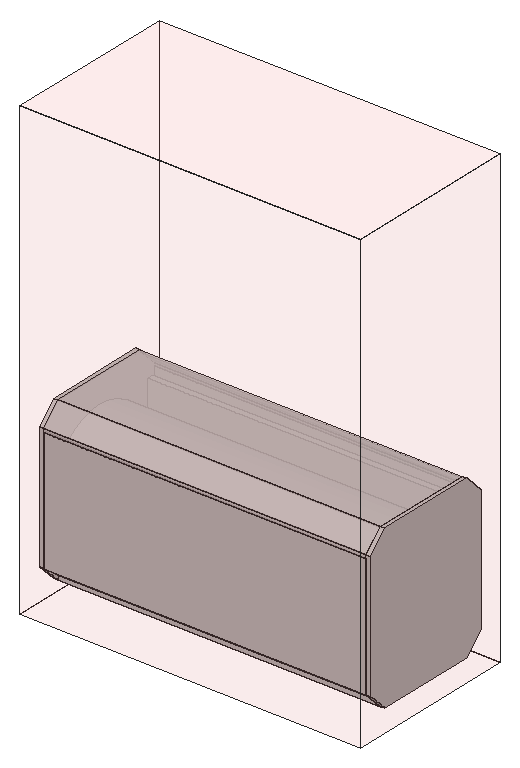
Revit family "Air-Curtain_Insect-Control_PoweredAire_BCE-BCT", category Mechanical Equipment, host Face, Revit 2018
Family settings
  Host = Face
  Round Connector Dimension = Use Diameter
  Part Type = Normal
  OmniClass Number = 23.75.35.17.21
  OmniClass Title = Air Curtains
  Cut with Voids When Loaded = No
  Shared = No
  Room Calculation Point = No
Parameters
  Warranty Duration (Years) = 0
  Unit Width Notes = "Other Widths available."  # constant formula
  Unit Width = 3' - 0"
  Unit Weight = 0
  Unit Height = 1' - 3"
  Unit Depth = 1' - 5 1/2"
  URL = "http://www.poweredaire.com/"
  Test Data = ""
  Standards Conformance = "as Specified"
  Specification = "http://www.arcat.com/sdspecs/htm04/23_34_33pai.htm"
  SpecWizard = ""
  Sound Pressure = "as Specified"
  Sales Information = "http://www.poweredaire.com/contact_us"
  Revision = "R1_2016-08"
  Projection from Host [instance] = 0' - 2"
  Product Properties = ""
  Product Data = "http://www.arcat.com/arcatcos/cos47/arc47623.html"
  Power Rating = 0 W
  Nozzle Width = if(1 = 1, Unit Width - 0' 1", 0' 0")  # 2' - 11"
  Mounting Width = if(1 = 1, Unit Width - 0' 0 15/16", 0' 0")  # 2' - 11 1/16"
  Mounting Height [instance] = 3' - 6"
  Motor RPM = 0
  Motor HP = 0
  Motor Count = 0
  Model = "As Specified"
  Max Height = 0' - 0"
  Manufacturer Website = "http://www.poweredaire.com/"
  Manufacturer Phone - Toll Free = "888-321-2473"
  Manufacturer Phone = "724-588-3305"
  Manufacturer Fax = "724-588-3371"
  Manufacturer Address = "109 Mortensen Rd.  Greenville, PA 16125"
  Manufacturer = "Powered Aire, Inc"
  Maintenance Schedule (Months) = 0
  Keynote = "23 34 33"
  Installation-Fabrication = ""
  Installation Phase = ""
  Include Clearance [instance] = yes
  Heating Element Load = 0 W
  HVAC_Temperature Rise = 0 °F
  HVAC_Outlet Volume = 0 CFM
  HVAC_Outlet Velocity Uniformity = 0
  HVAC_Outlet Velocity = 0 FPM
  Green Building-LEED = "http://www.arcat.com/green/clients/leed_data_47623.html"
  Front Grating Material [instance] = Metal - Steel - PoweredAire - Stainless 304 Perforated
  Frame Finish [instance] = Metal - Steel - PoweredAire - Stainless 304
  Expected Lifespan (Years) = 0
  Electrical_Wattage [instance] = Power Rating + Heating Element Load  # 0 W
  Electrical_Voltage [instance] = 0 V
  Electrical_Phase [instance] = 1
  Electrical_Frequency [instance] = 0 Hz
  Electrical_Amperage [instance] = 0 A
  Drawn By = "Sumex Design, Inc. / Robert S. Weygant, CSI, CDT, SCIP"
  Description = "Powered Aire Air Curtain as Specified"
  Default Elevation = 0' - 0"  # constant formula
  Copyright = "©Arcat Inc."
  Construction Details = "http://www.arcat.com/details/powair/prod3336.html"
  Clearance_Top [instance] = 0' - 2"
  Clearance_Side B [instance] = 0' - 0 1/2"
  Clearance_Side A [instance] = 0' - 0 1/2"
  Clearance_Intake [instance] = 2' - 6"
  Clearance_Bottom [instance] = 0' - 2"
  Clearance Material [instance] = ARCAT Clearance
  Building Codes = ""
  Available Options [instance] = "as Specified"
  Assembly Code = "D3090400"
Reference planes (in)
  plane 1 "Center (Elevation)": y = 0.13818
  plane 2: z = 0
  plane 3 "Center (Left/Right)": x = 0
  plane 4: y = 7.63818
  plane 5: y = -7.36182
  plane 6: x = -18
  plane 7: x = 18
  plane 8: z = 19.5
  plane 9 "FF": y = -41.86182
  plane 10: z = 2
  plane 11: x = 17.5
  plane 12: x = -17.5
  plane 13: y = 9.63818
  plane 14: y = -9.36182
  plane 15: x = -18.5
  plane 16: x = 18.5
  plane 17: z = 49.5
Forms (in)
  Extrusion 1, solid, material "Metal - Steel - PoweredAire - Stainless 304" <- "Frame Finish"
    sketch origin (0, 0, 0) x (0, 1, 0) y (0, 0, 1)
      loop
        line (5.69363, 2) -> (7.63818, 3.94454) -> (7.63818, 17.55546) -> (5.69363, 19.5) -> (-5.41728, 19.5) -> (-7.36182, 17.55546) -> (-7.36182, 3.94454) -> (-5.41728, 2) -> (5.69363, 2)
    from 17.5 to 18
  Extrusion 2, solid, material "Metal - Steel - PoweredAire - Stainless 304" <- "Frame Finish"
    sketch origin (0, 0, -0.5) x (0, 1, 0) y (0, 0, 1)
      loop
        circle (0.13818, 10.9739) r 6.25
      loop
        line (6.63818, 16.89427) -> (6.63818, 5.87829) -> (7.33849, 5.87829) -> (7.33849, 16.89427) -> (6.63818, 16.89427)
      loop
        line (-7.02798, 16.76927) -> (-7.02798, 5.75329) -> (-6.36182, 5.75329) -> (-6.36182, 16.76927) -> (-7.02798, 16.76927)
    from -17.5 to 17.5
  Extrusion 3, solid, material "Metal - Steel - PoweredAire - Stainless 304" <- "Frame Finish"
    sketch origin (0, 0, 0) x (0, 1, 0) y (0, 0, -1)
      loop
        line (5.69363, -2) -> (-5.41728, -2) -> (-7.36182, -3.94454) -> (-7.36182, -17.55546) -> (-5.41728, -19.5) -> (5.69363, -19.5) -> (7.63818, -17.55546) -> (7.63818, -3.94454) -> (5.69363, -2)
    from 17.5 to 18
  Extrusion 4, solid, material "Metal - Steel - PoweredAire - Stainless 304" <- "Frame Finish"
    sketch origin (0, 0, 0) x (0, 1, 0) y (0, 0, 1)
      loop
        line (-5.41728, 2) -> (5.69363, 2) -> (7.63818, 3.94454) -> (7.63818, 17.19454) -> (7.51318, 17.19454) -> (7.51318, 3.99632) -> (5.64186, 2.125) -> (-5.29228, 2.125) -> (-5.29228, 4.06954) -> (-7.23682, 4.06954) -> (-7.23682, 17.19454) -> (-7.36182, 17.19454) -> (-7.36182, 3.94454) -> (-5.41728, 3.94454) -> (-5.41728, 2)
      loop
        line (-6.64819, 3.61034) -> (-5.8702, 2.83235) -> (-5.74472, 2.95783) -> (-6.52271, 3.73583) -> (-6.64819, 3.61034)
    from -17.5 to 17.5
  Extrusion 5, solid, material "Metal - Steel - PoweredAire - Stainless 304 Perforated" <- "Front Grating Material"
    sketch origin (0, 0, 0) x (0, 1, 0) y (0, 0, 1)
      loop
        line (-7.36182, 17.19454) -> (-7.23682, 17.19454) -> (-7.23682, 17.50368) -> (-5.3655, 19.375) -> (5.64186, 19.375) -> (7.51318, 17.50368) -> (7.51318, 17.19454) -> (7.63818, 17.19454) -> (7.63818, 17.55546) -> (5.69363, 19.5) -> (-5.41728, 19.5) -> (-7.36182, 17.55546) -> (-7.36182, 17.19454)
    from -17.5 to 17.5
  Extrusion 6, solid, material "ARCAT Clearance" <- "Clearance Material", visible <- "Include Clearance"
    sketch origin (0, 0, 0) x (0, 1, 0) y (0, 0, 1)
      loop
        line (-9.36182, 49.5) -> (-9.36182, 0) -> (9.63818, 0) -> (9.63818, 49.5) -> (-9.36182, 49.5)
    from -18.5 to 18.5
Dimensions and locks (in)
  equal spacing: plane 4, plane 1 "Center (Elevation)", plane 5
  "Unit Height": plane 4 to plane 5
  equal spacing: plane 6, plane 3 "Center (Left/Right)", plane 7
  "Unit Width": plane 6 to plane 7
  "Mounting Height": plane 1 "Center (Elevation)" to plane 9 "FF"
  "Projection from Host": plane 10 to level
  "Unit Depth": plane 8 to plane 10
  locked: plane 6 to plane 12 at 0.5
  locked: plane 11 to plane 7 at 0.5
  "Clearance_Side A": plane 7 to plane 16
  "Clearance_Side B": plane 15 to plane 6
  "Clearance_Top": plane 13 to plane 4
  "Clearance_Bottom": plane 5 to plane 14
  "Clearance_Intake": plane 17 to plane 8
  aligned and locked: plane 2 to host face
  aligned and locked: level to host face
  aligned and locked: plane 7 to Extrusion 1
  aligned and locked: Extrusion 1 to plane 11
  aligned and locked: plane 12 to Extrusion 3
  aligned and locked: Extrusion 3 to plane 6
  aligned and locked: Extrusion 2 to plane 12
  aligned and locked: plane 11 to Extrusion 2
  aligned and locked: plane 11 to Extrusion 4
  aligned and locked: Extrusion 4 to plane 12
  aligned and locked: plane 11 to Extrusion 5
  aligned and locked: Extrusion 5 to plane 12
  aligned and locked: Extrusion 6 sketch curve to plane 17
  aligned and locked: plane 14 to Extrusion 6 sketch curve
  aligned and locked: level to Extrusion 6 sketch curve
  aligned and locked: Extrusion 6 sketch curve to plane 13
  aligned and locked: plane 16 to Extrusion 6
  aligned and locked: Extrusion 6 to plane 15
Automatic sketch dimensions
  host sketch curve to host sketch curve = 8' - 0"  (x2)
  Extrusion 1 sketch curve to plane 5 = 0' - 0"
  Extrusion 1 sketch curve to plane 8 = 0' - 0"
  Extrusion 1 sketch curve to plane 10 = 0' - 0"
  Extrusion 1 sketch curve to plane 4 = 0' - 0"
  plane 5 to Extrusion 1 sketch curve = 0' - 1.94454"  (x2)
  Extrusion 1 sketch curve to plane 4 = 0' - 1.94454"  (x2)
  plane 10 to Extrusion 1 sketch curve = 0' - 1.94454"  (x2)
  Extrusion 1 sketch curve to plane 8 = 0' - 1.94454"  (x2)
  Extrusion 2 sketch curve to plane 1 "Center (Elevation)" = 0' - 0"
  plane 5 to Extrusion 2 sketch curve = 0' - 1"
  plane 5 to Extrusion 2 sketch curve = 0' - 0.33384"
  Extrusion 2 sketch curve to plane 4 = 0' - 1"
  Extrusion 2 sketch curve to plane 4 = 0' - 0.29969"
  plane 10 to Extrusion 2 sketch curve = 0' - 3.37829"
  plane 10 to Extrusion 2 sketch curve = 0' - 3.25329"
  Extrusion 2 sketch curve to plane 8 = 0' - 9.0261"
  Extrusion 2 sketch curve to plane 8 = 0' - 3.23073"
  Extrusion 2 sketch curve to plane 8 = 0' - 3.10573"
  Extrusion 3 sketch curve to plane 5 = 0' - 0"
  Extrusion 3 sketch curve to plane 8 = 0' - 0"
  Extrusion 3 sketch curve to plane 10 = 0' - 0"
  Extrusion 3 sketch curve to plane 4 = 0' - 0"
  plane 5 to Extrusion 3 sketch curve = 0' - 1.94454"  (x2)
  Extrusion 3 sketch curve to plane 4 = 0' - 1.94454"  (x2)
  Extrusion 3 sketch curve to plane 8 = 0' - 1.94454"  (x2)
  plane 10 to Extrusion 3 sketch curve = 0' - 1.94454"  (x2)
  Extrusion 4 sketch curve to plane 5 = 0' - 0"
  Extrusion 4 sketch curve to plane 10 = 0' - 0"
  Extrusion 4 sketch curve to plane 4 = 0' - 0"
  plane 5 to Extrusion 4 sketch curve = 0' - 0 1/8"
  plane 5 to Extrusion 4 sketch curve = 0' - 0.71363"
  Extrusion 4 sketch curve to Extrusion 4 sketch curve = 0' - 0.12548"  (x2)
  Extrusion 4 sketch curve to Extrusion 4 sketch curve = 0' - 0.778"
  Extrusion 4 sketch curve to Extrusion 4 sketch curve = 0' - 0.32744"
  Extrusion 4 sketch curve to Extrusion 4 sketch curve = 0' - 0 1/8"  (x2)
  plane 10 to Extrusion 4 sketch curve = 0' - 0 1/8"
  Extrusion 4 sketch curve to plane 4 = 0' - 1.99632"
  Extrusion 4 sketch curve to Extrusion 4 sketch curve = 0' - 0.05178"  (x2)
  plane 10 to Extrusion 4 sketch curve = 0' - 0.83235"
  plane 10 to Extrusion 4 sketch curve = 0' - 1.94454"
  Extrusion 4 sketch curve to Extrusion 4 sketch curve = 0' - 0.3342"
  Extrusion 4 sketch curve to plane 4 = 0' - 0 1/8"
  Extrusion 4 sketch curve to plane 8 = 0' - 2.30546"  (x2)
  Extrusion 5 sketch curve to plane 5 = 0' - 0"
  Extrusion 5 sketch curve to plane 8 = 0' - 0"
  Extrusion 5 sketch curve to plane 4 = 0' - 0"
  plane 5 to Extrusion 5 sketch curve = 0' - 0 1/8"
  plane 5 to Extrusion 5 sketch curve = 0' - 1.94454"
  Extrusion 5 sketch curve to plane 8 = 0' - 0 1/8"
  Extrusion 5 sketch curve to Extrusion 5 sketch curve = 0' - 0.05178"  (x4)
  Extrusion 5 sketch curve to plane 4 = 0' - 1.99632"
  Extrusion 5 sketch curve to plane 8 = 0' - 1.94454"  (x2)
  Extrusion 5 sketch curve to Extrusion 5 sketch curve = 0' - 0 1/8"
  Extrusion 5 sketch curve to Extrusion 5 sketch curve = 0' - 0.30914"  (x2)
  radius of Extrusion 2 sketch curve = 0' - 6 1/4"
Connectors (in)
  electrical at (0, 7.63818, 10.56954), driven by "Electrical_Phase", driven by "Electrical_Voltage"
    settings: on Extrusion 4, index 1, voltage 0 V, apparent load 0 VA, apparent load phase1 0 VA, apparent load phase2 0 VA, apparent load phase3 0 VA, power factor 1, load classification "Motor", number of poles 1, system type 31, power factor state 1, is connector primary yes, connector utility no, sub classification motor no, connector description ""
